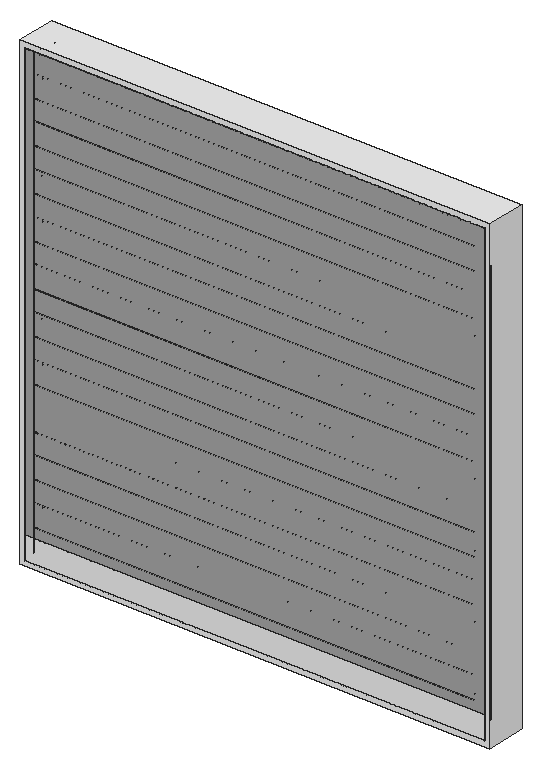
Revit family
Parameters (values of type "Louver_Drnable_EFD-445_All-Lite")
  URL = "http://www.alllite-louvers.com"
  Specifications = "http://www.alllite-louvers.com/catalog/AEFD-445-csi-specification.doc"
  Spacing = 0.375 ft
  SmartBIM Object Version = 3  # constant formula
  SmartBIM Object Created By = "Reed Construction Data"  # constant formula
  Shim Thickness = 0.042 ft
  Screen Width = Width - (2 * Shim Thickness)  # 3.916 ft
  Screen Height = Height - (2 * Shim Thickness) - 0.198333 ft  # 3.717667 ft
  Screen = Aluminum
  Rough Width = 0.0 ft
  Rough Height = 0.0 ft
  Product URL = "http://www.alllite-louvers.com/catalog.php?model=EFD-445"
  Pressure Loss (in.wg.) = "0.16"  # constant formula
  OmniClass Title = "Exterior Louvers and Grilles"  # constant formula
  OmniClass Code = "23-60 11 17"  # constant formula
  Model Number = "EFD-445"  # constant formula
  Model = ""
  Minimum Size = "4.5\" x 7.5"
  Maximum Size - Single Section = "60\" x 120\" or 120\" x 60\""
  Maximum Size - Multiple Section = "Unlimited"
  Manufacturer = "All-Lite"  # constant formula
  Louver Width = Width - (2 * Shim Thickness) - 2 * 0.072917 ft  # 3.770167 ft
  Louver = Mill finish, 6063-T5 Extruded Aluminum
  Installation = "http://www.alllite-louvers.com/catalog/Installation.pdf"
  Height = 4.0 ft
  Free Area for 48”x48” Louver = "46.3%"
  Free Area Velocity (fpm) = "1,176"  # constant formula
  Free Area (ft²) for 48"x48" Louver = 7.4 ft
  Frame = Mill finish, 6063-T5 Extruded Aluminum
  Default Sill Height = 3.0 ft
  Wall Closure = (empty or 0)
  Width = 4.0 ft
  Cut Sheet = "http://www.alllite-louvers.com/catalog/AEFD445.pdf"
  Assembly Code = "B2010300"
  Air Volume Delivered (cfm) = "8,702"  # constant formula
  95 CSI = "10200 "  # constant formula
  04 CSI = "08 91 00"  # constant formula
  # of Louvers = (Height - 0.25 ft) / (Spacing)  # 10
Reference planes (ft)
  plane 1 "Center (Front/Back)": y = 0
  plane 2: z = 0.291667
  plane 3 "Center (Left/Right)": x = 0
  plane 4 "Left": x = -2
  plane 5 "Right": x = 2
  plane 6 "Sill": z = 3.291667
  plane 7 "Top": z = 7.291667
  plane 8: x = -1.958
  plane 9: x = 1.958
  plane 10: z = 7.249667
  plane 11: z = 3.333667
  plane 12: z = 5.291667
  plane 13: z = 3.417
  plane 14: z = 3.458667
  plane 15: z = 7.166333
  plane 16: z = 7.124667
  plane 17: z = 7.062167
Forms (ft)
  Sweep 1, solid, material "Mill finish, 6063-T5 Extruded Aluminum" <- "Frame"
    path origin (-5, 0.333333, 0) x (-1, 0, 0) y (0, 0, 1)
      loop
        line (-6.885083, 7.249667) -> (-3.114917, 7.249667)
    profile "Head Horizontal Mullion : Head Horizontal Mullion" origin (0, 0.333333, 7.249667) x (0, 0, 1) y (0, 1, 0)
      loop
        line (-0.083333, -0.00675) -> (-0.142259, -0.065676) -> (-0.137486, -0.070449) -> (-0.080537, -0.0135) -> (-0.00675, -0.0135) -> (-0.00675, -0.071625)
        arc (-0.00675, -0.071625) -> (-0.007739, -0.074011) -> (-0.010125, -0.075) r 0.003375
        line (-0.010125, -0.075) -> (-0.027583, -0.075) -> (-0.027583, -0.08175) -> (-0.253375, -0.08175) -> (-0.253375, -0.0135) -> (-0.176792, -0.0135) -> (-0.176792, -0.00675) -> (-0.260125, -0.00675) -> (-0.260125, -0.0885) -> (-0.152255, -0.0885)
        arc (-0.152255, -0.0885) -> (-0.149868, -0.089489) -> (-0.14888, -0.091875) r 0.003375
        line (-0.14888, -0.091875) -> (-0.14888, -0.104254)
        arc (-0.14888, -0.104254) -> (-0.149439, -0.106115) -> (-0.150931, -0.107359) r 0.003375
        arc (-0.150931, -0.107359) -> (-0.159111, -0.117587) -> (-0.155094, -0.130053) r 0.013833
        arc (-0.155094, -0.130053) -> (-0.151433, -0.130726) -> (-0.14938, -0.127621) r 0.003375
        arc (-0.14938, -0.127621) -> (-0.149649, -0.126299) -> (-0.150415, -0.125188) r 0.003375
        arc (-0.150415, -0.125188) -> (-0.145505, -0.113) -> (-0.140594, -0.125188) r 0.007083
        arc (-0.140594, -0.125188) -> (-0.14136, -0.126299) -> (-0.14163, -0.127621) r 0.003375
        arc (-0.14163, -0.127621) -> (-0.139577, -0.130726) -> (-0.135915, -0.130053) r 0.003375
        arc (-0.135915, -0.130053) -> (-0.131899, -0.117587) -> (-0.140079, -0.107359) r 0.013833
        arc (-0.140079, -0.107359) -> (-0.141571, -0.106115) -> (-0.14213, -0.104254) r 0.003375
        line (-0.14213, -0.104254) -> (-0.14213, -0.091875)
        arc (-0.14213, -0.091875) -> (-0.141141, -0.089489) -> (-0.138755, -0.0885) r 0.003375
        line (-0.138755, -0.0885) -> (-0.06925, -0.0885) -> (-0.06925, -0.09525) -> (-0.046442, -0.09525)
        arc (-0.046442, -0.09525) -> (-0.044055, -0.096239) -> (-0.043067, -0.098625) r 0.003375
        line (-0.043067, -0.098625) -> (-0.043067, -0.104254)
        arc (-0.043067, -0.104254) -> (-0.043626, -0.106115) -> (-0.045118, -0.107359) r 0.003375
        arc (-0.045118, -0.107359) -> (-0.053298, -0.117587) -> (-0.049281, -0.130053) r 0.013833
        arc (-0.049281, -0.130053) -> (-0.04562, -0.130726) -> (-0.043567, -0.127621) r 0.003375
        arc (-0.043567, -0.127621) -> (-0.043836, -0.126299) -> (-0.044602, -0.125188) r 0.003375
        arc (-0.044602, -0.125188) -> (-0.039692, -0.113) -> (-0.034781, -0.125188) r 0.007083
        arc (-0.034781, -0.125188) -> (-0.035547, -0.126299) -> (-0.035817, -0.127621) r 0.003375
        arc (-0.035817, -0.127621) -> (-0.033763, -0.130726) -> (-0.030102, -0.130053) r 0.003375
        arc (-0.030102, -0.130053) -> (-0.026085, -0.117587) -> (-0.034266, -0.107359) r 0.013833
        arc (-0.034266, -0.107359) -> (-0.035758, -0.106115) -> (-0.036317, -0.104254) r 0.003375
        line (-0.036317, -0.104254) -> (-0.036317, -0.098625)
        arc (-0.036317, -0.098625) -> (-0.035328, -0.096239) -> (-0.032942, -0.09525) r 0.003375
        line (-0.032942, -0.09525) -> (-0.00675, -0.09525) -> (-0.00675, -0.274467)
        arc (-0.00675, -0.274467) -> (-0.007739, -0.276853) -> (-0.010125, -0.277842) r 0.003375
        line (-0.010125, -0.277842) -> (-0.023858, -0.277842)
        arc (-0.023858, -0.277842) -> (-0.025719, -0.277283) -> (-0.026963, -0.275791) r 0.003375
        arc (-0.026963, -0.275791) -> (-0.037191, -0.267611) -> (-0.049657, -0.271627) r 0.013833
        arc (-0.049657, -0.271627) -> (-0.05033, -0.275289) -> (-0.047225, -0.277342) r 0.003375
        arc (-0.047225, -0.277342) -> (-0.045903, -0.277072) -> (-0.044793, -0.276306) r 0.003375
        arc (-0.044793, -0.276306) -> (-0.032604, -0.281217) -> (-0.044793, -0.286127) r 0.007083
        arc (-0.044793, -0.286127) -> (-0.045903, -0.285361) -> (-0.047225, -0.285092) r 0.003375
        arc (-0.047225, -0.285092) -> (-0.05033, -0.287145) -> (-0.049657, -0.290806) r 0.003375
        arc (-0.049657, -0.290806) -> (-0.037191, -0.294823) -> (-0.026963, -0.286643) r 0.013833
        arc (-0.026963, -0.286643) -> (-0.025719, -0.285151) -> (-0.023858, -0.284592) r 0.003375
        line (-0.023858, -0.284592) -> (-0.010125, -0.284592)
        arc (-0.010125, -0.284592) -> (-0.007739, -0.28558) -> (-0.00675, -0.287967) r 0.003375
        line (-0.00675, -0.287967) -> (-0.00675, -0.326583) -> (-0.0625, -0.326583) -> (-0.0625, -0.333333) -> (0, -0.333333) -> (0, -0.00675) -> (-0.083333, -0.00675)
  Sweep 2, solid, material "Mill finish, 6063-T5 Extruded Aluminum" <- "Frame"
    path origin (-5, 0.333333, 0) x (-1, 0, 0) y (0, 0, 1)
      loop
        line (-6.958, 3.333667) -> (-3.042, 3.333667)
    profile "Horizontal Mullion : Horizontal Mullion" origin (0, 0.333333, 3.333667) x (0, 0, 1) y (0, 1, 0)
      loop
        line (0.076583, -0.00675) -> (0.076583, -0.333333) -> (0.00675, -0.333333) -> (0.00675, -0.298417) -> (0, -0.298417) -> (0, -0.340083) -> (0.197917, -0.340083) -> (0.197917, -0.333333) -> (0.083333, -0.333333) -> (0.083333, 0) -> (0, 0) -> (0, -0.041667) -> (0.00675, -0.041667) -> (0.00675, -0.00675) -> (0.076583, -0.00675)
  Sweep 3, solid, material "Mill finish, 6063-T5 Extruded Aluminum" <- "Frame"
    path origin (-5, 0.333333, 0) x (-1, 0, 0) y (0, 0, 1)
      loop
        line (-6.958, 3.417) -> (-6.958, 7.249667)
    profile "Vertical Mullion : Vertical Mullion" origin (1.958, 0.333333, 5.333333) x (1, 0, 0) y (0, 1, 0)
      loop
        arc (-0.053884, -0.223561) -> (-0.066167, -0.21875) -> (-0.053884, -0.213939) r 0.007083
        arc (-0.053884, -0.213939) -> (-0.049763, -0.214099) -> (-0.049603, -0.209977) r 0.002917
        arc (-0.049603, -0.209977) -> (-0.05391, -0.206915) -> (-0.059083, -0.205833) r 0.012917
        arc (-0.059083, -0.205833) -> (-0.061499, -0.204833) -> (-0.0625, -0.202417) r 0.003417
        line (-0.0625, -0.202417) -> (-0.0625, -0.092167) -> (-0.04766, -0.092167)
        arc (-0.04766, -0.092167) -> (-0.044541, -0.090145) -> (-0.045113, -0.086472) r 0.003417
        arc (-0.045113, -0.086472) -> (-0.039833, -0.074667) -> (-0.034554, -0.086472) r 0.007083
        arc (-0.034554, -0.086472) -> (-0.035126, -0.090145) -> (-0.032007, -0.092167) r 0.003417
        line (-0.032007, -0.092167) -> (0, -0.092167) -> (0, 0) -> (-0.083333, 0) -> (-0.083333, -0.00675) -> (-0.072917, -0.00675) -> (-0.072917, -0.022375) -> (-0.066167, -0.022375) -> (-0.066167, -0.010417) -> (-0.010417, -0.010417) -> (-0.010417, -0.08175) -> (-0.022628, -0.08175)
        arc (-0.022628, -0.08175) -> (-0.02563, -0.080749) -> (-0.02743, -0.078145) r 0.005
        arc (-0.02743, -0.078145) -> (-0.039833, -0.068833) -> (-0.052237, -0.078145) r 0.012917
        arc (-0.052237, -0.078145) -> (-0.054036, -0.080749) -> (-0.057038, -0.08175) r 0.005
        line (-0.057038, -0.08175) -> (-0.072917, -0.08175) -> (-0.072917, -0.333333) -> (0, -0.333333) -> (0, -0.30575) -> (-0.010417, -0.30575) -> (-0.010417, -0.322917) -> (-0.0625, -0.322917) -> (-0.0625, -0.235083)
        arc (-0.0625, -0.235083) -> (-0.061499, -0.232667) -> (-0.059083, -0.231667) r 0.003417
        arc (-0.059083, -0.231667) -> (-0.05391, -0.230585) -> (-0.049603, -0.227523) r 0.012917
        arc (-0.049603, -0.227523) -> (-0.049763, -0.223401) -> (-0.053884, -0.223561) r 0.002917
  Sweep 4, solid, material "Mill finish, 6063-T5 Extruded Aluminum" <- "Frame"
    path origin (5, 0.333333, 0) x (1, 0, 0) y (0, 0, -1)
      loop
        line (-6.958, -3.417) -> (-6.958, -7.249667)
    profile "Vertical Mullion : Vertical Mullion" origin (-1.958, 0.333333, 5.333333) x (1, 0, 0) y (0, 1, 0)
      loop
        arc (0.053884, -0.223561) -> (0.049763, -0.223401) -> (0.049603, -0.227523) r 0.002917
        arc (0.049603, -0.227523) -> (0.05391, -0.230585) -> (0.059083, -0.231667) r 0.012917
        arc (0.059083, -0.231667) -> (0.061499, -0.232667) -> (0.0625, -0.235083) r 0.003417
        line (0.0625, -0.235083) -> (0.0625, -0.322917) -> (0.010417, -0.322917) -> (0.010417, -0.30575) -> (0, -0.30575) -> (0, -0.333333) -> (0.072917, -0.333333) -> (0.072917, -0.08175) -> (0.057038, -0.08175)
        arc (0.057038, -0.08175) -> (0.054036, -0.080749) -> (0.052237, -0.078145) r 0.005
        arc (0.052237, -0.078145) -> (0.039833, -0.068833) -> (0.02743, -0.078145) r 0.012917
        arc (0.02743, -0.078145) -> (0.02563, -0.080749) -> (0.022628, -0.08175) r 0.005
        line (0.022628, -0.08175) -> (0.010417, -0.08175) -> (0.010417, -0.010417) -> (0.066167, -0.010417) -> (0.066167, -0.022375) -> (0.072917, -0.022375) -> (0.072917, -0.00675) -> (0.083333, -0.00675) -> (0.083333, 0) -> (0, 0) -> (0, -0.092167) -> (0.032007, -0.092167)
        arc (0.032007, -0.092167) -> (0.035126, -0.090145) -> (0.034554, -0.086472) r 0.003417
        arc (0.034554, -0.086472) -> (0.039833, -0.074667) -> (0.045113, -0.086472) r 0.007083
        arc (0.045113, -0.086472) -> (0.044541, -0.090145) -> (0.04766, -0.092167) r 0.003417
        line (0.04766, -0.092167) -> (0.0625, -0.092167) -> (0.0625, -0.202417)
        arc (0.0625, -0.202417) -> (0.061499, -0.204833) -> (0.059083, -0.205833) r 0.003417
        arc (0.059083, -0.205833) -> (0.05391, -0.206915) -> (0.049603, -0.209977) r 0.012917
        arc (0.049603, -0.209977) -> (0.049763, -0.214099) -> (0.053884, -0.213939) r 0.002917
        arc (0.053884, -0.213939) -> (0.066167, -0.21875) -> (0.053884, -0.223561) r 0.007083
  Sweep 5, solid, material "Mill finish, 6063-T5 Extruded Aluminum" <- "Frame"
    path origin (-5, 0.333333, 0) x (-1, 0, 0) y (0, 0, 1)
      loop
        line (-3, 7.291667) -> (-7, 7.291667) -> (-7, 3.291667) -> (-3, 3.291667) -> (-3, 7.291667)
    profile origin (-2, 0.333333, 5.291667) x (0, 1, 0) y (-1, 0, 0)
      loop
        line (0, 0) -> (-0.340083, 0) -> (-0.340083, -0.042) -> (0, -0.042) -> (0, 0)
  Extrusion 6, solid, material "Aluminum" <- "Screen"
    sketch origin (1.958, 0, 3.417) x (0, 0, 1) y (-1, 0, 0)
      loop
        line (0.114583, 0) -> (3.832667, 0) -> (3.832667, 3.916) -> (0.114583, 3.916) -> (0.114583, 0)
    from 0 to 0.00675
Cuts and joins
  joined: Sweep 3, Sweep 4
Lines and regions (ft)
  Opening 1
    outline origin (-5, -0.333333, 0) x (1, 0, 0) y (0, 0, 1)
      loop
        line (3, 7.291667) -> (3, 3.291667) -> (7, 3.291667) -> (7, 7.291667) -> (3, 7.291667)
  Masking region 1, detail levels coarse+medium
    outline origin (0, 0, 0) x (1, 0, 0) y (0, 1, 0)
      loop
        line (-2, -0.00675) -> (-1.885083, -0.00675) -> (-1.885083, 0.333333) -> (-2, 0.333333) -> (-2, -0.00675)
  Masking region 2, detail levels fine
    outline origin (0, 0, 0) x (1, 0, 0) y (0, 1, 0)
      loop
        arc (-1.912887, 0.246861) -> (-1.913459, 0.243188) -> (-1.91034, 0.241167) r 0.003417
        line (-1.91034, 0.241167) -> (-1.8955, 0.241167) -> (-1.8955, 0.130917)
        arc (-1.8955, 0.130917) -> (-1.896501, 0.128501) -> (-1.898917, 0.1275) r 0.003417
        arc (-1.898917, 0.1275) -> (-1.90409, 0.126419) -> (-1.908397, 0.123356) r 0.012917
        arc (-1.908397, 0.123356) -> (-1.908237, 0.119234) -> (-1.904116, 0.119394) r 0.002917
        arc (-1.904116, 0.119394) -> (-1.891833, 0.114583) -> (-1.904116, 0.109773) r 0.007083
        arc (-1.904116, 0.109773) -> (-1.908237, 0.109932) -> (-1.908397, 0.105811) r 0.002917
        arc (-1.908397, 0.105811) -> (-1.90409, 0.102748) -> (-1.898917, 0.101667) r 0.012917
        arc (-1.898917, 0.101667) -> (-1.896501, 0.100666) -> (-1.8955, 0.09825) r 0.003417
        line (-1.8955, 0.09825) -> (-1.8955, 0.010417) -> (-1.947583, 0.010417) -> (-1.947583, 0.027583) -> (-1.958, 0.027583) -> (-1.958, -0.00675) -> (-1.885083, -0.00675) -> (-1.885083, 0.251583) -> (-1.900962, 0.251583)
        arc (-1.900962, 0.251583) -> (-1.903964, 0.252585) -> (-1.905763, 0.255188) r 0.005
        arc (-1.905763, 0.255188) -> (-1.918167, 0.2645) -> (-1.93057, 0.255188) r 0.012917
        arc (-1.93057, 0.255188) -> (-1.93237, 0.252585) -> (-1.935372, 0.251583) r 0.005
        line (-1.935372, 0.251583) -> (-1.947583, 0.251583) -> (-1.947583, 0.322917) -> (-1.891833, 0.322917) -> (-1.891833, 0.310958) -> (-1.885083, 0.310958) -> (-1.885083, 0.326583) -> (-1.874667, 0.326583) -> (-1.874667, 0.333333) -> (-1.958, 0.333333) -> (-1.958, 0.241167) -> (-1.925993, 0.241167)
        arc (-1.925993, 0.241167) -> (-1.922874, 0.243188) -> (-1.923446, 0.246861) r 0.003417
        arc (-1.923446, 0.246861) -> (-1.918167, 0.258667) -> (-1.912887, 0.246861) r 0.007083
  Masking region 3, detail levels coarse+medium
    outline origin (0, 0, 0) x (1, 0, 0) y (0, 1, 0)
      loop
        line (2, -0.00675) -> (2, 0.333333) -> (1.885083, 0.333333) -> (1.885083, -0.00675) -> (2, -0.00675)
  Masking region 4, detail levels fine
    outline origin (0, 0, 0) x (1, 0, 0) y (0, 1, 0)
      loop
        line (1.947583, 0.322917) -> (1.947583, 0.251583) -> (1.935372, 0.251583)
        arc (1.935372, 0.251583) -> (1.93237, 0.252585) -> (1.93057, 0.255188) r 0.005
        arc (1.93057, 0.255188) -> (1.918167, 0.2645) -> (1.905763, 0.255188) r 0.012917
        arc (1.905763, 0.255188) -> (1.903964, 0.252585) -> (1.900962, 0.251583) r 0.005
        line (1.900962, 0.251583) -> (1.885083, 0.251583) -> (1.885083, 0) -> (1.958, 0) -> (1.958, 0.027583) -> (1.947583, 0.027583) -> (1.947583, 0.010417) -> (1.8955, 0.010417) -> (1.8955, 0.09825)
        arc (1.8955, 0.09825) -> (1.896501, 0.100666) -> (1.898917, 0.101667) r 0.003417
        arc (1.898917, 0.101667) -> (1.90409, 0.102748) -> (1.908397, 0.105811) r 0.012917
        arc (1.908397, 0.105811) -> (1.908237, 0.109932) -> (1.904116, 0.109773) r 0.002917
        arc (1.904116, 0.109773) -> (1.891833, 0.114583) -> (1.904116, 0.119394) r 0.007083
        arc (1.904116, 0.119394) -> (1.908237, 0.119234) -> (1.908397, 0.123356) r 0.002917
        arc (1.908397, 0.123356) -> (1.90409, 0.126419) -> (1.898917, 0.1275) r 0.012917
        arc (1.898917, 0.1275) -> (1.896501, 0.128501) -> (1.8955, 0.130917) r 0.003417
        line (1.8955, 0.130917) -> (1.8955, 0.241167) -> (1.91034, 0.241167)
        arc (1.91034, 0.241167) -> (1.913459, 0.243188) -> (1.912887, 0.246861) r 0.003417
        arc (1.912887, 0.246861) -> (1.918167, 0.258667) -> (1.923446, 0.246861) r 0.007083
        arc (1.923446, 0.246861) -> (1.922874, 0.243188) -> (1.925993, 0.241167) r 0.003417
        line (1.925993, 0.241167) -> (1.958, 0.241167) -> (1.958, 0.333333) -> (1.874667, 0.333333) -> (1.874667, 0.326583) -> (1.885083, 0.326583) -> (1.885083, 0.310958) -> (1.891833, 0.310958) -> (1.891833, 0.322917) -> (1.947583, 0.322917)
  Masking region 5, detail levels coarse+medium
    outline origin (0, 0, 0) x (1, 0, 0) y (0, 1, 0)
      loop
        line (2, -0.00675) -> (2, 0.333333) -> (1.885083, 0.333333) -> (1.885083, -0.00675) -> (2, -0.00675)
Text (ft)
  text "EXTERIOR" at (-4.890733, 4.242245, 0), in view "Ref. Level"
  text "INTERIOR" at (-4.890733, -3.147199, 0), in view "Ref. Level"
  text "Exterior" at (0, 3.638026, 10.266337), in view "Left"
  text "Exterior" at (0, 1.524487, 10.420622), in view "Right"
Dimensions and locks (ft)
  equal spacing: plane 4 "Left", plane 3 "Center (Left/Right)", plane 5 "Right"
  "Width": plane 4 "Left" to plane 5 "Right"
  "Height": plane 6 "Sill" to plane 7 "Top"
  "Default Sill Height": plane 2 to plane 6 "Sill"
  "Shim Thickness": plane 4 "Left" to plane 8
  "Shim Thickness": plane 9 to plane 5 "Right"
  "Shim Thickness": plane 10 to plane 7 "Top"
  "Shim Thickness": plane 6 "Sill" to plane 11
  equal spacing: plane 11, plane 12, plane 10
  locked: plane 13 to plane 11 at 0.083333
  locked: plane 14 to plane 13 at 0.041667
  locked: plane 10 to plane 15 at 0.083333
  locked: plane 15 to plane 16 at 0.041667
  locked: plane 10 to plane 17 at 0.1875
  equal spacing: group 1, group 3, group 4, group 5, group 6, group 7, group 8, group 9, group 10, group 2  (x3)
  aligned and locked: plane 7 "Top" to Opening 1 sketch curve
  aligned and locked: plane 6 "Sill" to Opening 1 sketch curve  (x2)
  aligned and locked: plane 5 "Right" to Opening 1 sketch curve
  aligned and locked: plane 4 "Left" to Opening 1 sketch curve
  aligned and locked: plane 10 to Sweep 1 sketch curve
  aligned and locked: Sweep 2 sketch curve to plane 11
  aligned and locked: plane 9 to Sweep 2 sketch curve
  aligned and locked: plane 8 to Sweep 2 sketch curve
  aligned and locked: plane 9 to Sweep 3 sketch curve
  aligned and locked: Sweep 4 sketch curve to plane 8
  aligned and locked: Sweep 5 sketch curve to plane 4 "Left"
  aligned and locked: Sweep 5 sketch curve to plane 7 "Top"
  aligned and locked: Sweep 5 sketch curve to plane 6 "Sill"
  aligned and locked: Sweep 5 sketch curve to plane 5 "Right"
  aligned and locked: Sweep 5 sketch curve to host wall  (x2)
  aligned and locked: plane 8 to Sweep 5 sketch curve
  aligned and locked: plane 3 "Center (Left/Right)" to nested 1
  aligned and locked: plane 10 to Sweep 4 sketch curve
  aligned and locked: profile plane to host wall
  aligned and locked: Sweep 2 to Sweep 3 sketch curve
  aligned and locked: Sweep 4 sketch curve to Sweep 2
  aligned and locked: Sweep 5 sketch curve to Sweep 2
  aligned and locked: plane 14 to nested 1
  aligned and locked: plane 3 "Center (Left/Right)" to nested 2
  aligned and locked: Sweep 1 sketch curve to cut or joined group of Sweep 3, Sweep 4
  aligned and locked: cut or joined group of Sweep 3, Sweep 4 to Sweep 1 sketch curve
  aligned and locked: Extrusion 6 sketch curve to Sweep 2
  aligned and locked: cut or joined group of Sweep 3, Sweep 4 to Extrusion 6 sketch curve
  aligned and locked: Extrusion 6 sketch curve to Sweep 1
  aligned and locked: Extrusion 6 sketch curve to cut or joined group of Sweep 3, Sweep 4
  aligned and locked: Extrusion 6 to Sweep 2
  aligned and locked: Sweep 5 to Extrusion 6
  aligned and locked: nested 1 to cut or joined group of Sweep 3, Sweep 4
  aligned and locked: nested 2 to cut or joined group of Sweep 3, Sweep 4
  aligned and locked: nested 2 to plane 16
  aligned and locked: Masking region 1 sketch curve to Sweep 5
  aligned and locked: Masking region 1 sketch curve to plane 4 "Left"
  aligned and locked: Sweep 5 to Masking region 1 sketch curve
  aligned and locked: Masking region 1 sketch curve to nested 3
  aligned and locked: Masking region 2 sketch curve to cut or joined group of Sweep 3, Sweep 4  (x24)
  aligned and locked: Sweep 5 to Masking region 2 sketch curve
  aligned and locked: Sweep 2 to Masking region 2 sketch curve
  aligned and locked: nested 3 to Masking region 2 sketch curve  (x2)
  aligned and locked: Masking region 2 sketch curve to plane 8
  aligned and locked: Masking region 2 sketch curve to Extrusion 6
  aligned and locked: Masking region 2 sketch curve to nested 3
  aligned and locked: Masking region 3 sketch curve to plane 5 "Right"
  aligned and locked: Masking region 3 sketch curve to Sweep 5
  aligned and locked: Masking region 3 sketch curve to nested 3
  aligned and locked: Extrusion 6 to Masking region 3 sketch curve
  aligned and locked: Masking region 4 sketch curve to cut or joined group of Sweep 3, Sweep 4  (x24)
  aligned and locked: Sweep 5 to Masking region 4 sketch curve
  aligned and locked: Masking region 4 sketch curve to Extrusion 6
  aligned and locked: Masking region 4 sketch curve to nested 3  (x2)
  aligned and locked: Masking region 4 sketch curve to Sweep 5
  aligned and locked: nested 3 to Masking region 4 sketch curve
  aligned and locked: Masking region 4 sketch curve to Sweep 2
  aligned and locked: Masking region 5 sketch curve to plane 5 "Right"
  aligned and locked: Extrusion 6 to Masking region 5 sketch curve
  aligned and locked: Masking region 5 sketch curve to nested 3
  aligned and locked: Masking region 5 sketch curve to Sweep 2
Automatic sketch dimensions
  Sweep 3 sketch curve to plane 10 = 0.0 ft
Nested families (ft)
  nested 1: "Louver Single" at (0, 0.249604, 3.458667), type "Louver"
  nested 2: "Louver Single" at (0, 0.249604, 6.733083), type "Louver"
  nested 3: "Louver Single" at (0, 0.249604, 3.822491), type "Louver"
  nested 4: "Louver Single" at (0, 0.249604, 4.186315), type "Louver"
  nested 5: "Louver Single" at (0, 0.249604, 4.550139), type "Louver"
  nested 6: "Louver Single" at (0, 0.249604, 4.913963), type "Louver"
  nested 7: "Louver Single" at (0, 0.249604, 5.277787), type "Louver"
  nested 8: "Louver Single" at (0, 0.249604, 5.641611), type "Louver"
  nested 9: "Louver Single" at (0, 0.249604, 6.005435), type "Louver"
  nested 10: "Louver Single" at (0, 0.249604, 6.369259), type "Louver"
Connectors (ft)
  hvac at (0, -0.00675, 5.390625), driven by "Screen Height", driven by "Screen Width"
    settings: on Extrusion 6, index 1
Definition of nested family "Louver Single"
  Parameters (values of type "Louver")
    Louver Length = 3.770833 ft
    Depth = 0.156576 ft
    Louver Single = yes
    Louver = All-Lite - El Cajon Silver
    Assembly Code = ""
  Reference planes (ft)
    plane 1 "Center (Front/Back)": y = -0.085938
    plane 2: z = 0
    plane 3 "Center (Left/Right)": x = 0
    plane 4: x = -1.885417
    plane 5: x = 1.885417
    plane 6: y = 0.076979
    plane 7: y = -0.248854
    plane 8: z = 0.391584
  Forms (ft)
    Extrusion 1, solid, material "All-Lite - El Cajon Silver" <- "Louver"
      sketch origin (0, 0.069514, -0.061431) x (0, 1, 0) y (0, 0, 1)
        loop
          arc (-0.25961, 0.324886) -> (-0.262637, 0.322085) -> (-0.259836, 0.319057) r 0.002917
          arc (-0.259836, 0.319057) -> (-0.253296, 0.320546) -> (-0.248385, 0.325114) r 0.012917
          arc (-0.248385, 0.325114) -> (-0.245874, 0.326697) -> (-0.243072, 0.325718) r 0.003417
          line (-0.243072, 0.325718) -> (-0.124998, 0.207644)
          arc (-0.124998, 0.207644) -> (-0.124019, 0.204842) -> (-0.125602, 0.202331) r 0.003417
          arc (-0.125602, 0.202331) -> (-0.13017, 0.19742) -> (-0.131659, 0.19088) r 0.012917
          arc (-0.131659, 0.19088) -> (-0.128631, 0.188079) -> (-0.12583, 0.191106) r 0.002917
          arc (-0.12583, 0.191106) -> (-0.113743, 0.196389) -> (-0.119026, 0.184303) r 0.007083
          arc (-0.119026, 0.184303) -> (-0.122054, 0.181501) -> (-0.119253, 0.178474) r 0.002917
          arc (-0.119253, 0.178474) -> (-0.112713, 0.179963) -> (-0.107802, 0.18453) r 0.012917
          arc (-0.107802, 0.18453) -> (-0.105288, 0.186113) -> (-0.102485, 0.18513) r 0.003417
          line (-0.102485, 0.18513) -> (-0.077526, 0.160089)
          arc (-0.077526, 0.160089) -> (-0.075991, 0.157791) -> (-0.075452, 0.155081) r 0.007083
          line (-0.075452, 0.155081) -> (-0.075398, 0.14347)
          arc (-0.075398, 0.14347) -> (-0.073766, 0.137126) -> (-0.070052, 0.131729) r 0.01875
          line (-0.070052, 0.131729) -> (-0.002522, 0.063168)
          arc (-0.002522, 0.063168) -> (0.003845, 0.061867) -> (0.007465, 0.067264) r 0.005833
          line (0.007465, 0.067264) -> (0.007465, 0.141389)
          arc (0.007465, 0.141389) -> (0.00409, 0.144764) -> (0.000715, 0.141389) r 0.003375
          line (0.000715, 0.141389) -> (0.000715, 0.077831)
          arc (0.000715, 0.077831) -> (-0.001406, 0.074669) -> (-0.005136, 0.075434) r 0.003417
          line (-0.005136, 0.075434) -> (-0.065246, 0.136469)
          arc (-0.065246, 0.136469) -> (-0.067804, 0.140342) -> (-0.068702, 0.144895) r 0.012
          line (-0.068702, 0.144895) -> (-0.068702, 0.155081)
          arc (-0.068702, 0.155081) -> (-0.069755, 0.160374) -> (-0.072753, 0.164862) r 0.013833
          line (-0.072753, 0.164862) -> (-0.31063, 0.402739)
          arc (-0.31063, 0.402739) -> (-0.311362, 0.403834) -> (-0.311618, 0.405125) r 0.003375
          line (-0.311618, 0.405125) -> (-0.311618, 0.44964)
          arc (-0.311618, 0.44964) -> (-0.314993, 0.453015) -> (-0.318368, 0.44964) r 0.003375
          line (-0.318368, 0.44964) -> (-0.318368, 0.403727)
          arc (-0.318368, 0.403727) -> (-0.317855, 0.401144) -> (-0.316391, 0.398954) r 0.00675
          line (-0.316391, 0.398954) -> (-0.265584, 0.348229)
          arc (-0.265584, 0.348229) -> (-0.264603, 0.345427) -> (-0.266186, 0.342914) r 0.003417
          arc (-0.266186, 0.342914) -> (-0.270753, 0.338003) -> (-0.272242, 0.331463) r 0.012917
          arc (-0.272242, 0.331463) -> (-0.269215, 0.328662) -> (-0.266413, 0.331689) r 0.002917
          arc (-0.266413, 0.331689) -> (-0.254327, 0.336973) -> (-0.25961, 0.324886) r 0.007083
      from -1.885417 to 1.885417
    Extrusion 2, solid, material "All-Lite - El Cajon Silver" <- "Louver"
      sketch origin (0, 0.084583, 0) x (0, 1, 0) y (0, 0, 1)
        loop
          line (-0.150253, 0.116481) -> (-0.323949, 0.151645)
          arc (-0.323949, 0.151645) -> (-0.325916, 0.152831) -> (-0.326688, 0.154994) r 0.003417
          line (-0.326688, 0.154994) -> (-0.326688, 0.203364)
          arc (-0.326688, 0.203364) -> (-0.330063, 0.206739) -> (-0.333438, 0.203364) r 0.003375
          line (-0.333438, 0.203364) -> (-0.333438, 0.1522)
          arc (-0.333438, 0.1522) -> (-0.331913, 0.147927) -> (-0.328027, 0.145584) r 0.00675
          line (-0.328027, 0.145584) -> (-0.149441, 0.10943)
          arc (-0.149441, 0.10943) -> (-0.145653, 0.109756) -> (-0.142642, 0.112077) r 0.00675
          line (-0.142642, 0.112077) -> (-0.1343, 0.123551)
          arc (-0.1343, 0.123551) -> (-0.130048, 0.13514) -> (-0.13976, 0.12752) r 0.006417
          line (-0.13976, 0.12752) -> (-0.146811, 0.117821)
          arc (-0.146811, 0.117821) -> (-0.148335, 0.116646) -> (-0.150253, 0.116481) r 0.003417
      from -1.885417 to 1.885417
  Dimensions and locks (ft)
    equal spacing: plane 4, plane 3 "Center (Left/Right)", plane 5
    "Louver Length": plane 4 to plane 5
    aligned and locked: Extrusion 2 to plane 4
    aligned and locked: plane 5 to Extrusion 2
    aligned and locked: Extrusion 1 to plane 4
    aligned and locked: plane 5 to Extrusion 1
  Automatic sketch dimensions
    Extrusion 1 sketch curve to Extrusion 1 sketch curve = 0.0 ft  (x29)
    plane 1 "Center (Front/Back)" to Extrusion 1 sketch curve = 0.162917 ft
    Extrusion 1 sketch curve to Extrusion 1 sketch curve = 0.001977 ft
    Extrusion 1 sketch curve to Extrusion 1 sketch curve = 0.003375 ft  (x3)
    Extrusion 1 sketch curve to Extrusion 1 sketch curve = 0.000989 ft  (x2)
    Extrusion 1 sketch curve to Extrusion 1 sketch curve = 0.044149 ft
    Extrusion 1 sketch curve to Extrusion 1 sketch curve = 0.002914 ft  (x3)
    Extrusion 1 sketch curve to Extrusion 1 sketch curve = 0.001584 ft  (x2)
    Extrusion 1 sketch curve to Extrusion 1 sketch curve = 0.001812 ft  (x2)
    level to Extrusion 1 sketch curve = 0.286798 ft
    Extrusion 1 sketch curve to Extrusion 1 sketch curve = 0.002414 ft
    Extrusion 1 sketch curve to Extrusion 1 sketch curve = 0.006577 ft  (x2)
    Extrusion 1 sketch curve to Extrusion 1 sketch curve = 0.000113 ft  (x2)
    Extrusion 1 sketch curve to Extrusion 1 sketch curve = 0.007078 ft  (x2)
    Extrusion 1 sketch curve to Extrusion 1 sketch curve = 0.011225 ft  (x2)
    Extrusion 1 sketch curve to Extrusion 1 sketch curve = 0.002897 ft  (x2)
    Extrusion 1 sketch curve to Extrusion 1 sketch curve = 0.002416 ft  (x2)
    Extrusion 1 sketch curve to Extrusion 1 sketch curve = 0.113829 ft
    Extrusion 1 sketch curve to Extrusion 1 sketch curve = 0.00242 ft
    Extrusion 1 sketch curve to Extrusion 1 sketch curve = 0.02237 ft
    level to Extrusion 1 sketch curve = 0.098658 ft
    Extrusion 1 sketch curve to Extrusion 1 sketch curve = 0.005009 ft
    level to Extrusion 1 sketch curve = 0.09365 ft
    level to Extrusion 1 sketch curve = 0.082039 ft
    Extrusion 1 sketch curve to Extrusion 1 sketch curve = 0.000054 ft
    level to Extrusion 1 sketch curve = 0.103431 ft
    Extrusion 1 sketch curve to Extrusion 1 sketch curve = 0.004773 ft
    Extrusion 1 sketch curve to Extrusion 1 sketch curve = 0.005346 ft
    Extrusion 1 sketch curve to Extrusion 1 sketch curve = 0.004806 ft
    Extrusion 1 sketch curve to Extrusion 1 sketch curve = 0.012 ft
    level to Extrusion 1 sketch curve = 0.014003 ft
    Extrusion 1 sketch curve to Extrusion 1 sketch curve = 0.06011 ft
    Extrusion 1 sketch curve to Extrusion 1 sketch curve = 0.002434 ft
    level to Extrusion 1 sketch curve = 0.001737 ft
    Extrusion 1 sketch curve to Extrusion 1 sketch curve = 0.002614 ft
    Extrusion 1 sketch curve to Extrusion 1 sketch curve = 0.003417 ft
    Extrusion 1 sketch curve to Extrusion 1 sketch curve = 0.004153 ft
    Extrusion 1 sketch curve to Extrusion 1 sketch curve = 0.011741 ft
    Extrusion 1 sketch curve to Extrusion 1 sketch curve = 0.003506 ft
    Extrusion 1 sketch curve to Extrusion 1 sketch curve = 0.023393 ft
    Extrusion 1 sketch curve to Extrusion 1 sketch curve = 0.029172 ft
    Extrusion 1 sketch curve to Extrusion 1 sketch curve = 0.050725 ft
    Extrusion 1 sketch curve to Extrusion 1 sketch curve = 0.044514 ft
    level to Extrusion 2 sketch curve = 0.1522 ft
    plane 1 "Center (Front/Back)" to Extrusion 2 sketch curve = 0.162917 ft
    Extrusion 2 sketch curve to Extrusion 2 sketch curve = 0.003375 ft
    level to Extrusion 2 sketch curve = 0.145584 ft
    Extrusion 2 sketch curve to Extrusion 2 sketch curve = 0.005411 ft
    level to Extrusion 2 sketch curve = 0.151645 ft
    Extrusion 2 sketch curve to Extrusion 2 sketch curve = 0.002739 ft
    Extrusion 2 sketch curve to Extrusion 2 sketch curve = 0.003417 ft
    level to Extrusion 2 sketch curve = 0.116481 ft
    Extrusion 2 sketch curve to Extrusion 2 sketch curve = 0.173696 ft
    Extrusion 2 sketch curve to Extrusion 2 sketch curve = 0.000678 ft
    Extrusion 2 sketch curve to Extrusion 2 sketch curve = 0.000812 ft
    Extrusion 2 sketch curve to Extrusion 2 sketch curve = 0.002151 ft
    Extrusion 2 sketch curve to Extrusion 2 sketch curve = 0.00129 ft
    Extrusion 2 sketch curve to Extrusion 2 sketch curve = 0.00546 ft  (x2)
    level to Extrusion 2 sketch curve = 0.12752 ft
    Extrusion 2 sketch curve to Extrusion 2 sketch curve = 0.007051 ft
    level to Extrusion 2 sketch curve = 0.123551 ft
    Extrusion 2 sketch curve to Extrusion 2 sketch curve = 0.005939 ft
    Extrusion 2 sketch curve to Extrusion 2 sketch curve = 0.000435 ft
    Extrusion 2 sketch curve to Extrusion 2 sketch curve = 0.003969 ft
    Extrusion 2 sketch curve to Extrusion 2 sketch curve = 0.001775 ft
    Extrusion 2 sketch curve to Extrusion 2 sketch curve = 0.04837 ft
